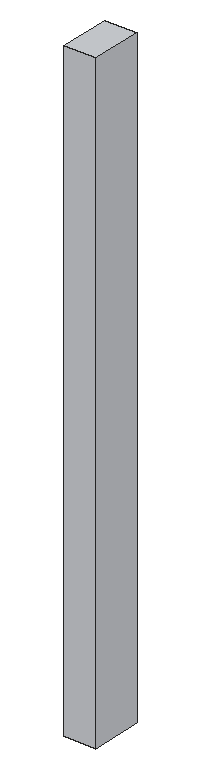
Revit family "Window Separator", category Windows, host Wall, Revit 2025
Family settings
  Host = Wall
  OmniClass Number = 23.30.20.00
  OmniClass Title = Windows
  Always vertical = Yes
  Cut with Voids When Loaded = No
  Shared = No
  Room Calculation Point = No
Parameters
  Height = 7' - 4"
  Default Sill Height = 3' - 0"
  Wall Closure = By host
  Width = 0' - 4 1/2"
Reference planes (in)
  plane 1 "Center (Front/Back)": y = 0
  plane 2: z = 0
  plane 3 "Center (Left/Right)": x = 0
  plane 4 "Sill": z = 36
  plane 5: z = 124
Forms (in)
  Extrusion 1, solid
    sketch origin (0, 0, 36) x (0, -1, 0) y (1, 0, 0)
      loop
        line (-2.25, -2.25) -> (5.125, -2.25) -> (5.125, 2.25) -> (-2.25, 2.25) -> (-2.25, -2.25)
    from 0 to 88
Lines and regions (in)
  Opening 1
    outline origin (-60, -7, 0) x (1, 0, 0) y (0, 0, 1)
      loop
        line (57.75, 124) -> (57.75, 36) -> (62.25, 36) -> (62.25, 124) -> (57.75, 124)
Text (in)
  text "EXTERIOR" at (-58.6888, 50.90694, 0), in view "Ref. Level"
  text "INTERIOR" at (-58.6888, -37.76638, 0), in view "Ref. Level"
  text "Exterior" at (0, 43.65631, 123.19604), in view "Left"
  text "Exterior" at (0, 18.29385, 125.04747), in view "Right"
Dimensions and locks (in)
  equal spacing: Extrusion 1 sketch curve, plane 3 "Center (Left/Right)", Extrusion 1 sketch curve
  "Width": Extrusion 1 sketch curve to Extrusion 1 sketch curve
  plane 1 "Center (Front/Back)" to Extrusion 1 sketch curve = 0' - 2 1/4"
  plane 1 "Center (Front/Back)" to Extrusion 1 sketch curve = 0' - 5 1/8"
  "Height": plane 5 to plane 4 "Sill"
  equal spacing: host wall, plane 1 "Center (Front/Back)", host wall
  aligned and locked: level to plane 2
  aligned and locked: plane 5 to Extrusion 1
  aligned and locked: Opening 1 sketch curve to Extrusion 1
  aligned and locked: Extrusion 1 to Opening 1 sketch curve
  aligned and locked: Opening 1 sketch curve to plane 5
Automatic sketch dimensions
  Opening 1 sketch curve to plane 4 "Sill" = 0' - 0"
